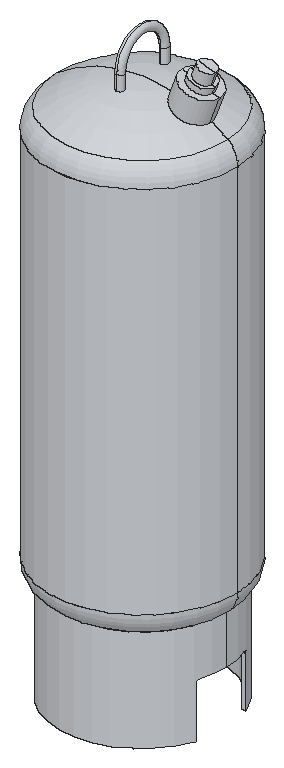
Revit family
Parameters (values of type "50LBC 125# W.P.")
  Weight = "76 lbs"
  Tank Volume = "13 Gal"
  Tank Only = 31.402"
  Tank Height/Length = 35.063"
  Tank Diameter = 12.000"
  Pipe Connector Diameter = Pipe Connection Radius * 2  # 1.000"
  Pipe Connection Radius = 0.500"
  Model = "50LBC"
  Maximum Acceptance Volume = "11 Gal"
  Max Operating Temp = "240 DEG F"
  Max Operating Pressure = "125 PSI"
  Manufacturer = "Amtrol"
  Lifting Ring Location = 3.500" / 2  # 1.750"
  Floor to Elbow Centerline = 1.688"
  Floor to Bottom of Tank = 3.661"
  Bladder/Diaphragm = "Bladder"
  ASME = yes
Types (3): name | Weight | Max Operating Pressure
  (no name) | "76 lbs" | "125 PSI"
  50LBC 150# W.P. 10 BAR | "72 lbs" | "150 PSI"
  50LBC 125# W.P. | "76 lbs" | "125 PSI"
Reference planes (in)
  plane 1 "Center (Front/Back)": y = 0
  plane 2: z = 0
  plane 3 "Center (Left/Right)": x = 0
Forms (in)
  Revolve 1, solid
    sketch origin (0, 0, 0) x (1, 0, 0) y (0, 0, 1)
      loop
        line (3.20454, 4.357) -> (3.20454, 5.38871)
        arc (3.20454, 5.38871) -> (3.28098, 5.44343) -> (3.30625, 5.53397) r 0.14146
        arc (3.30625, 5.53397) -> (4.36924, 6.00724) -> (5.35602, 6.62385) r 8.34036
        arc (5.35602, 6.62385) -> (5.85151, 7.204) -> (6.02962, 7.94587) r 1.6341
        line (6.02962, 7.94587) -> (6.02962, 32.01863)
        arc (6.02962, 32.01863) -> (5.87295, 32.7404) -> (5.40065, 33.30822) r 1.55337
        arc (5.40065, 33.30822) -> (2.84317, 34.62525) -> (0, 35.063) r 8.95075
        line (0, 35.063) -> (0, 3.661) -> (3.19936, 3.661) -> (3.19936, 4.161) -> (2.165, 4.161) -> (2.165, 4.357) -> (3.20454, 4.357)
      axis (0, 3.661) -> (0, 35.063)
    angle from 0 to 360
  Revolve 2, solid
    sketch origin (0, 0, 0) x (1, 0, 0) y (0, 0, 1)
      loop
        line (3.1094, 34.2955) -> (4.28625, 33.86716) -> (4.88478, 35.51162) -> (4.468, 35.66332) -> (4.59637, 36.01603) -> (4.36507, 36.10022) -> (4.63254, 36.83509) -> (4.10378, 37.02755) -> (3.1094, 34.2955)
      axis (4.10378, 37.02755) -> (3.1094, 34.2955)
    angle from 0 to 360
  Revolve 3, solid
    sketch origin (0, 0, 0) x (1, 0, 0) y (0, 0, 1)
      loop
        line (-5.33638, 0) -> (-5.08638, 0) -> (-5.08638, 7.44707) -> (-5.33638, 7.44707) -> (-5.33638, 0)
      axis (0, 0) -> (0, 7.44707)
    angle from 0 to 360
  Revolve 4, solid
    sketch origin (0, 0, 0) x (1, 0, 0) y (0, 0, 1)
      loop
        line (0.6492, 3.3675) -> (0.6492, 4.19707) -> (0, 4.19707) -> (0, 3.3675) -> (0.6492, 3.3675)
      axis (0, 3.3675) -> (0, 4.19707)
    angle from 0 to 360
  Extrusion 5, void
    sketch origin (0, 0, 0) x (0, 1, 0) y (0, 0, 1)
      loop
        line (0, 3.5) -> (-1.75, 3.5)
        arc (-1.75, 3.5) -> (-1.92678, 3.42678) -> (-2, 3.25) r 0.25
        line (-2, 3.25) -> (-2, -0.25) -> (2, -0.25) -> (2, 3.25)
        arc (2, 3.25) -> (1.92678, 3.42678) -> (1.75, 3.5) r 0.25
        line (1.75, 3.5) -> (0, 3.5)
    from 2.84574 to 12
  Sweep 6, solid
    path origin (0, 0, 0) x (1, 0, 0) y (0, 0, 1)
      loop
        line (0, 3.188) -> (0, 2.886)
        arc (0, 2.886) -> (0.35089, 2.03889) -> (1.198, 1.688) r 1.198
        line (1.198, 1.688) -> (1.5, 1.688)
    profile origin (0, 0, 3.037) x (0, -1, 0) y (1, 0, 0)
      loop
        circle (0, 0) r 0.75
  Sweep 7, solid
    path origin (0, 0, 0) x (0, 1, 0) y (0, 0, 1)
      loop
        line (1.75, 35.08602) -> (1.75, 36.00246)
        arc (1.75, 36.00246) -> (0, 37.75246) -> (-1.75, 36.00246) r 1.75
        line (-1.75, 36.00246) -> (-1.75, 35.08602)
    profile origin (0, 1.75, 35.54424) x (0, -1, 0) y (1, 0, 0)
      loop
        circle (0, 0) r 0.25
Cuts and joins
  Extrusion 5 cuts Revolve 3
  Extrusion 5 cuts Revolve 4
Dimensions and locks (in)
  "Floor to Elbow Centerline": Sweep 6 sketch curve to cut or joined group of Revolve 3, Extrusion 5
  "Lifting Ring Location": Sweep 7 sketch curve to plane 1 "Center (Front/Back)"
  Revolve 1 sketch curve to Revolve 1 sketch curve = 7.39738"
  "Floor to Bottom of Tank": Revolve 1 sketch curve to cut or joined group of Revolve 3, Extrusion 5
  "Tank Only": Revolve 1 sketch curve to Revolve 1 sketch curve
  Revolve 2 sketch curve to Revolve 2 sketch curve = 0.5627"
  Revolve 2 sketch curve to Revolve 2 sketch curve = 2.90738"
  Revolve 2 sketch curve to Revolve 2 sketch curve = 2.12534"
  Revolve 2 sketch curve to Revolve 2 sketch curve = 1.750"
  Revolve 2 sketch curve to Revolve 1 = 1.84853"
  Revolve 2 sketch curve to Revolve 1 = 2.27687"
  aligned and locked: plane 1 "Center (Front/Back)" to import instance
  aligned and locked: import instance to plane 3 "Center (Left/Right)"
Automatic sketch dimensions
  Revolve 4 sketch curve to plane 3 "Center (Left/Right)" = 0.000"  (x2)
  plane 3 "Center (Left/Right)" to Revolve 4 sketch curve = 0.6492"
  level to Revolve 4 sketch curve = 3.3675"
  Revolve 4 sketch curve to Revolve 4 sketch curve = 0.000"
  Revolve 4 sketch curve to Revolve 4 sketch curve = 0.82957"
  Revolve 4 sketch curve to Revolve 4 sketch curve = 1.25068"
  Extrusion 5 sketch curve to plane 1 "Center (Front/Back)" = 0.000"
  plane 1 "Center (Front/Back)" to Extrusion 5 sketch curve = 1.750"
  Extrusion 5 sketch curve to Extrusion 5 sketch curve = 0.250"  (x2)
  Extrusion 5 sketch curve to plane 1 "Center (Front/Back)" = 1.750"
  Extrusion 5 sketch curve to level = 0.250"
  level to Extrusion 5 sketch curve = 3.250"
  Sweep 6 sketch curve to plane 3 "Center (Left/Right)" = 0.000"
  Sweep 6 sketch curve to Sweep 6 sketch curve = 1.198"
  Sweep 6 sketch curve to Sweep 6 sketch curve = 0.302"  (x2)
  plane 1 "Center (Front/Back)" to Sweep 6 sketch curve = 0.000"
  Sweep 6 sketch curve to profile plane = 0.000"
  plane 1 "Center (Front/Back)" to Sweep 7 sketch curve = 0.000"
  level to Sweep 7 sketch curve = 35.08602"
  Sweep 7 sketch curve to Sweep 7 sketch curve = 0.000"
  Sweep 7 sketch curve to Sweep 7 sketch curve = 0.91644"
  Sweep 7 sketch curve to plane 3 "Center (Left/Right)" = 0.000"
  Sweep 7 sketch curve to profile plane = 0.000"
  Revolve 3 sketch curve to level = 0.000"  (x2)
  Revolve 3 sketch curve to plane 3 "Center (Left/Right)" = 0.000"
  Revolve 3 sketch curve to plane 3 "Center (Left/Right)" = 5.08638"
  Revolve 3 sketch curve to Revolve 3 sketch curve = 0.250"
  level to Revolve 3 sketch curve = 7.44707"
  Revolve 3 sketch curve to Revolve 3 sketch curve = 1.05293"
  Revolve 1 sketch curve to plane 3 "Center (Left/Right)" = 0.000"  (x2)
  plane 3 "Center (Left/Right)" to Revolve 1 sketch curve = 0.07724"
  plane 3 "Center (Left/Right)" to Revolve 1 sketch curve = 0.45368"
  plane 3 "Center (Left/Right)" to Revolve 1 sketch curve = 2.165"
  Revolve 1 sketch curve to Revolve 1 sketch curve = 1.0001"
  Revolve 1 sketch curve to Revolve 1 sketch curve = 1.03436"
  Revolve 1 sketch curve to Revolve 1 sketch curve = 0.00518"
  Revolve 1 sketch curve to Revolve 1 sketch curve = 0.14115"
  Revolve 1 sketch curve to Revolve 1 sketch curve = 1.08927"
  Revolve 1 sketch curve to Revolve 1 sketch curve = 0.9605"
  Revolve 1 sketch curve to Revolve 1 sketch curve = 0.000"  (x3)
  Revolve 1 sketch curve to Revolve 1 sketch curve = 0.92386"
  Revolve 1 sketch curve to Revolve 1 sketch curve = 0.62898"
  Revolve 1 sketch curve to Revolve 1 sketch curve = 0.500"
  Revolve 1 sketch curve to Revolve 1 sketch curve = 0.196"
  Revolve 1 sketch curve to Revolve 1 sketch curve = 1.03171"
  Revolve 1 sketch curve to Revolve 1 sketch curve = 0.13585"
  Revolve 1 sketch curve to Revolve 1 sketch curve = 6.0341"
  Revolve 1 sketch curve to Revolve 1 sketch curve = 4.47679"
  plane 3 "Center (Left/Right)" to Revolve 2 sketch curve = 2.7357"
  Revolve 2 sketch curve to Revolve 2 sketch curve = 0.3737"
  Revolve 2 sketch curve to Revolve 2 sketch curve = 0.000"  (x2)
  Revolve 2 sketch curve to Revolve 2 sketch curve = 0.10293"
  Revolve 2 sketch curve to Revolve 2 sketch curve = 0.2313"
  radius of Sweep 6 sketch curve = 0.750"
  radius of Sweep 7 sketch curve = 0.250"
Connectors (in)
  piping at (1.5, 0, 1.688), driven by "Pipe Connection Radius"
    settings: on Sweep 6, index 1
